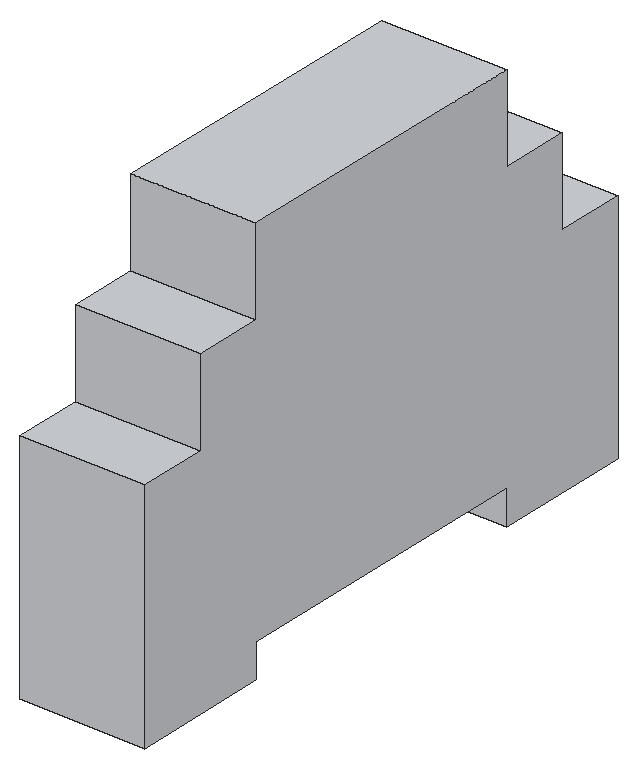
Revit family "Power-ModularDevices-GEWISS-90AM-ENERGY_METER_DIGITAL_SINGLE_PHASE", category Apparecchi elettrici, host Superficie, Revit 2016
Family settings
  Host = Superficie
  Mantenere orientamento annotazione = Sì
  Tipo di parte = Normale
  Quota connettore circolare = Usa diametro
  Numero OmniClass = 23.80.30.00
  Titolo OmniClass = Distribution Devices
  Taglio con vuoti quando caricato = No
  Condiviso = No
  Punto di calcolo locali = Sì
Parameters (values of type "GWD6802 - MID SINGLE PHASE METER DIRECT 32A 1M")
  dIST sIMBOLO [instance] = 6.4 mm  # constant formula
  Version file RFA = "18.0"
  URL = "https://www.gewiss.com/ww/en"
  Type = "Digital single-phase"
  Technical sheet = "https://www.gewiss.com/ww/en/search?q=GWD6802"
  TEXT LABEL = ""
  Supply voltage = "230Vac - 50Hz"
  Realized by GEWISS S.p.A. = ""
  Rated voltage = "230Vac"
  Default Elevation = 1219.2 mm
  Produttore = "GEWISS S.p.A."
  Potenza in Watt = 0 V
  Numero poli = 1
  No. Chorus modules = "1"
  Modello = "GWD6802"
  Installation = "DIN rail"
  Immagine tipo = GWD6801.jpg
  IP degree = "IP20"
  IFC.TypeObject = ""
  IFC.ExportType = ""
  IFC.ExportAs = ""
  IDT = "520d1e2c-82c1-49bd-bafd-3cb3aeb46d35"
  IDF = "50499170-d10d-4bbd-b870-ca51359950bc"
  I max (A) = "32A"
  Fin_Amperometro = none
  Electrocod = "163                 "
  EAN code = "8011564886759"
  Dist_dalla barra din [instance] = 5 mm
  Descrizione = "MID SINGLE PHASE METER DIRECT 32A 1M"
  D = 45 mm  # constant formula
  Catalogue Range = "90 AM"
  Catalogue = "POWER"
  COBie.Tagnumber = ""
  COBie.CreatedOn = ""
  COBie.CreatebBy = ""
  COBie.ComponentRegisterItemID = ""
  COBie.Component.TagNumber = ""
  COBie.Component.Space = ""
  COBie.Component.SerialNumber = ""
  COBie.Component.InstallationDate = ""
  COBie.Component.Description = ""
  COBie.Component.BarCode = ""
  C = 59 mm
  B = 85 mm  # constant formula
  Accuracy rate = "1"
  A = 18 mm  # constant formula
Types (2, lengths in mm): name | Technical sheet | Modello | IDT | EAN code | Descrizione
  GWD6801 - SINGLE PHASE ENERGY METER DIRECT 32A 1M | "https://www.gewiss.com/ww/en/search?q=GWD6801" | "GWD6801" | "8f4dbe87-5bc5-4224-bcdc-70595801997e" | "8011564812413" | "SINGLE PHASE ENERGY METER DIRECT 32A 1M"
  GWD6802 - MID SINGLE PHASE METER DIRECT 32A 1M | "https://www.gewiss.com/ww/en/search?q=GWD6802" | "GWD6802" | "520d1e2c-82c1-49bd-bafd-3cb3aeb46d35" | "8011564886759" | "MID SINGLE PHASE METER DIRECT 32A 1M"
Reference planes
  plane 1 "Centro (Fronte/Retro)": y = 0
  plane 2: z = 0
  plane 3 "Centro (Sinistra/Destra)": x = 0
Dimensions and locks
  aligned and locked: plane 2 to host face
  aligned and locked: level to host face
  aligned and locked: plane 3 "Centro (Sinistra/Destra)" to nested 1
  aligned and locked: plane 1 "Centro (Fronte/Retro)" to nested 1
Nested families
  nested 1: "90AM CONTATORI DI ENERGIA MONOFASE DIGITALE_generico" at (0, 0, 0), type "GWD6801 Contatore energia monofase digitale - 32A - 1M"
Connectors
  electrical at (0, 42.5, 16.965), driven by "Numero poli", driven by "Potenza in Watt"
    settings: on nested 1, index 1, voltage 0 V, apparent load 0 VA, apparent load phase1 0 VA, apparent load phase2 0 VA, apparent load phase3 0 VA, power factor 1, load classification "Altro", number of poles 1, system type 31, power factor state 1, is connector primary yes, connector utility no, sub classification motor no, connector description ""
Definition of nested family "90AM CONTATORI DI ENERGIA MONOFASE DIGITALE_generico"
  Parameters (values of type "GWD6801 Contatore energia monofase digitale - 32A - 1M")
    Default Elevation = 1219.2 mm
    Finitura Amperometro = none
    DIST_DALLA BARRA = 5 mm
    D = 45 mm
    C = 59 mm
    B = 85 mm
    A = 18 mm
  Reference planes
    plane 1 "Centro (Fronte/Retro)": y = 0
    plane 2: z = 0
    plane 3 "Centro (Sinistra/Destra)": x = 0
    plane 4: y = -22.5
    plane 5: y = 22.5
    plane 6: y = -32.5
    plane 7: y = 32.5
    plane 8: y = -42.5
    plane 9: y = 42.5
    plane 10 "AMPEROMETRO": z = 59
    plane 11: z = 0
    plane 12: z = 5
    plane 13 "FOROMETRIA": z = 33.929
    plane 14 "forometria 2": z = 46.465
    plane 15: x = -9
    plane 16: x = 9
    plane 17: x = 21.872
    plane 18: z = 72
    plane 19: through (0, -1524, 57.378) normal (-0.6412, 0, 0.7674)
  Forms (mm)
    Extrusion 1, solid, material <- "Finitura Amperometro"
      sketch origin (0, 0, 5) x (0, 1, 0) y (0, 0, 1)
        loop
          line (-22.5, 54) -> (-22.5, 41.465) -> (-32.5, 41.465) -> (-32.5, 28.929) -> (-42.5, 28.929) -> (-42.5, -5) -> (-22.5, -5) -> (-22.5, 0) -> (22.5, 0) -> (22.5, -5) -> (42.5, -5) -> (42.5, 28.929) -> (32.5, 28.929) -> (32.5, 41.465) -> (22.5, 41.465) -> (22.5, 54) -> (-22.5, 54)
      from -9 to 9
    Extrusion 2, solid, material <- "Finitura Amperometro", detail levels coarse
      sketch origin (0, 0, 33.929) x (0, -1, 0) y (1, 0, 0)
        loop
          line (-42.5, -9) -> (42.5, -9) -> (42.5, 9) -> (-42.5, 9) -> (-42.5, -9)
      from -28.929 to 25.071
    Extrusion 3, solid, material <- "Finitura Amperometro", detail levels coarse
      sketch origin (0, 0, 0) x (0, 1, 0) y (0, 0, 1)
        loop
          line (-3.75, 57.378) -> (3.75, 57.378) -> (3.75, 59) -> (-3.75, 59) -> (-3.75, 57.378)
      from -4.396 to 4.396
  Cuts and joins
    joined: Extrusion 2, Extrusion 3
  Lines and regions (mm)
    model lines, not visible, detail levels medium+fine
      curve 1: line (79.785, 48.585, 59) -> (62.085, 48.585, 59)
      curve 2: line (62.085, 93.585, 59) -> (79.785, 93.585, 59)
      curve 88: line (79.786, 59.267, 59) -> (62.086, 59.267, 59)
      curve 89: line (74.937, 72.795, 59) -> (74.937, 74.144, 59)
      curve 90: line (74.937, 74.144, 59) -> (66.937, 74.144, 59)
      curve 91: line (66.937, 74.144, 59) -> (66.937, 72.795, 59)
      curve 92: line (66.937, 67.626, 59) -> (66.937, 62.932, 59)
      curve 93: line (66.937, 62.932, 59) -> (74.937, 62.932, 59)
      curve 94: line (74.937, 62.932, 59) -> (74.937, 67.626, 59)
      curve 95: line (61.935, 74.432, 59) -> (79.935, 74.432, 59)
      curve 96: line (74.937, 64.914, 59) -> (66.937, 64.914, 59)
      curve 97: line (74.937, 66.129, 59) -> (66.937, 66.129, 59)
      curve 98: line (79.337, 69.155, 59) -> (62.537, 69.155, 59)
      curve 99: line (79.337, 67.626, 59) -> (79.337, 72.795, 59)
      curve 100: line (79.337, 72.795, 59) -> (62.537, 72.795, 59)
      curve 101: line (62.537, 72.795, 59) -> (62.537, 67.626, 59)
      curve 102: line (62.537, 67.626, 59) -> (79.337, 67.626, 59)
      curve 103: line (61.935, 79.105, 59) -> (79.935, 79.105, 59)
      curve 104: line (61.935, 76.108, 59) -> (63.487, 76.108, 59)
      curve 105: line (63.487, 76.108, 59) -> (63.487, 77.853, 59)
      curve 106: line (63.587, 77.909, 59) -> (78.287, 77.909, 59)
      curve 107: line (78.387, 77.853, 59) -> (78.387, 76.108, 59)
      curve 108: line (78.387, 76.108, 59) -> (79.935, 76.108, 59)
      curve 109: line (61.935, 70.538, 59) -> (62.24, 70.515, 59)
      curve 110: line (62.24, 70.515, 59) -> (62.537, 70.446, 59)
      curve 111: line (61.935, 66.538, 59) -> (62.586, 66.647, 59)
      curve 112: line (62.586, 66.647, 59) -> (63.073, 66.893, 59)
      curve 113: line (63.073, 66.893, 59) -> (63.462, 67.245, 59)
      curve 114: line (63.462, 67.245, 59) -> (63.716, 67.626, 59)
      curve 115: line (79.935, 70.538, 59) -> (79.634, 70.515, 59)
      curve 116: line (79.634, 70.515, 59) -> (79.337, 70.446, 59)
      curve 117: line (79.935, 66.539, 59) -> (79.289, 66.647, 59)
      curve 118: line (79.289, 66.647, 59) -> (78.802, 66.893, 59)
      curve 119: line (78.802, 66.893, 59) -> (78.413, 67.245, 59)
      curve 120: line (78.413, 67.245, 59) -> (78.159, 67.626, 59)
      curve 134: circle (26.542, 37.476, 33.929) r 2.555 normal (0, 0, 1)
      curve 135: circle (35.223, 37.477, 33.929) r 2.531 normal (0, 0, 1)
      curve 136: circle (26.542, -36.184, 33.929) r 2.555 normal (0, 0, 1)
      curve 137: circle (35.22, -36.184, 33.929) r 2.555 normal (0, 0, 1)
      curve 144: line (33.549, -32.5, 46.465) -> (51.549, -32.5, 46.465)
      curve 145: circle (38.25, 27.342, 46.465) r 2.52 normal (0, 0, 1)
      curve 146: circle (46.842, 27.34, 46.465) r 2.596 normal (0, 0, 1)
      curve 150: line (33.549, 22.5, 46.465) -> (51.549, 22.5, 46.465)
      curve 258: line (67.592, 4.063, 59) -> (73.592, 4.063, 59)
      curve 259: line (67.592, -3.937, 59) -> (73.592, -3.937, 59)
      curve 260: line (67.592, -7.937, 59) -> (73.592, -7.937, 59)
      curve 261: line (67.592, 0.063, 59) -> (73.592, 0.063, 59)
      curve 262: line (67.592, 12.063, 59) -> (73.592, 12.063, 59)
      curve 263: line (73.592, 12.063, 59) -> (73.592, -11.937, 59)
      curve 264: line (73.592, -11.937, 59) -> (67.592, -11.937, 59)
      curve 265: line (67.592, -11.937, 59) -> (67.592, 12.063, 59)
      curve 266: line (67.592, 8.063, 59) -> (73.592, 8.063, 59)
      curve 352: line (75.783, -15.977, 59) -> (75.145, -15.806, 59)
      curve 353: line (75.145, -15.806, 59) -> (74.679, -15.339, 59)
      curve 354: line (74.679, -15.339, 59) -> (74.508, -14.702, 59)
      curve 355: line (74.508, -14.702, 59) -> (74.679, -14.065, 59)
      curve 356: line (74.679, -14.065, 59) -> (75.145, -13.598, 59)
      curve 357: line (75.145, -13.598, 59) -> (75.783, -13.427, 59)
      curve 358: line (75.783, -13.427, 59) -> (76.42, -13.598, 59)
      curve 359: line (76.42, -13.598, 59) -> (76.887, -14.065, 59)
      curve 360: line (76.887, -14.065, 59) -> (77.057, -14.702, 59)
      curve 361: line (77.057, -14.702, 59) -> (76.887, -15.339, 59)
      curve 362: line (76.887, -15.339, 59) -> (76.42, -15.806, 59)
      curve 363: line (76.42, -15.806, 59) -> (75.783, -15.977, 59)
    model lines, not visible, detail levels fine
      curve 3: line (65.86, 53.491, 59) -> (65.86, 51.476, 59)
      curve 4: line (65.86, 51.476, 59) -> (65.185, 51.476, 59)
      curve 5: line (65.185, 51.476, 59) -> (64.793, 51.525, 59)
      curve 6: line (64.793, 51.525, 59) -> (64.314, 51.737, 59)
      curve 7: line (64.314, 51.737, 59) -> (63.933, 52.09, 59)
      curve 8: line (63.933, 52.09, 59) -> (63.681, 52.566, 59)
      curve 9: line (63.681, 52.566, 59) -> (63.603, 53.073, 59)
      curve 10: line (63.603, 53.073, 59) -> (63.679, 53.541, 59)
      curve 11: line (63.679, 53.541, 59) -> (63.881, 53.953, 59)
      curve 12: line (63.881, 53.953, 59) -> (64.244, 54.329, 59)
      curve 13: line (64.244, 54.329, 59) -> (64.684, 54.557, 59)
      curve 14: line (64.684, 54.557, 59) -> (65.178, 54.639, 59)
      curve 15: line (65.178, 54.639, 59) -> (65.86, 54.639, 59)
      curve 16: line (65.86, 54.639, 59) -> (65.86, 53.77, 59)
      curve 17: line (65.86, 53.77, 59) -> (64.713, 53.77, 59)
      curve 18: line (64.713, 53.77, 59) -> (64.713, 52.345, 59)
      curve 19: line (64.713, 52.345, 59) -> (64.992, 52.345, 59)
      curve 20: line (64.992, 52.345, 59) -> (64.992, 53.491, 59)
      curve 21: line (64.992, 53.491, 59) -> (65.86, 53.491, 59)
      curve 22: line (68.588, 51.476, 59) -> (66.138, 51.476, 59)
      curve 23: line (66.138, 51.476, 59) -> (66.138, 54.639, 59)
      curve 24: line (66.138, 54.639, 59) -> (67.441, 54.639, 59)
      curve 25: line (67.441, 54.639, 59) -> (67.441, 53.77, 59)
      curve 26: line (67.441, 53.77, 59) -> (67.006, 53.77, 59)
      curve 27: line (67.006, 53.77, 59) -> (67.006, 53.492, 59)
      curve 28: line (67.006, 53.492, 59) -> (68.588, 53.492, 59)
      curve 29: line (68.588, 53.492, 59) -> (68.588, 52.623, 59)
      curve 30: line (68.588, 52.623, 59) -> (67.007, 52.623, 59)
      curve 31: line (67.007, 52.623, 59) -> (67.007, 52.345, 59)
      curve 32: line (67.007, 52.345, 59) -> (68.588, 52.345, 59)
      curve 33: line (68.588, 52.345, 59) -> (68.588, 51.476, 59)
      curve 34: line (73.02, 51.476, 59) -> (73.02, 53.492, 59)
      curve 35: line (73.02, 53.492, 59) -> (72.151, 53.492, 59)
      curve 36: line (72.151, 53.492, 59) -> (72.151, 51.476, 59)
      curve 37: line (72.151, 51.476, 59) -> (73.02, 51.476, 59)
      curve 38: line (70.109, 51.476, 59) -> (70.37, 52.779, 59)
      curve 39: line (70.37, 52.779, 59) -> (70.63, 51.476, 59)
      curve 40: line (70.63, 51.476, 59) -> (71.499, 51.476, 59)
      curve 41: line (71.499, 51.476, 59) -> (72.038, 53.77, 59)
      curve 42: line (72.038, 53.77, 59) -> (73.02, 53.77, 59)
      curve 43: line (73.02, 53.77, 59) -> (73.02, 54.639, 59)
      curve 44: line (73.02, 54.639, 59) -> (71.352, 54.639, 59)
      curve 45: line (71.352, 54.639, 59) -> (71.039, 53.301, 59)
      curve 46: line (71.039, 53.301, 59) -> (70.822, 54.639, 59)
      curve 47: line (70.822, 54.639, 59) -> (69.918, 54.639, 59)
      curve 48: line (69.918, 54.639, 59) -> (69.701, 53.301, 59)
      curve 49: line (69.701, 53.301, 59) -> (69.388, 54.639, 59)
      curve 50: line (69.388, 54.639, 59) -> (67.719, 54.639, 59)
      curve 51: line (67.719, 54.639, 59) -> (67.719, 53.77, 59)
      curve 52: line (67.719, 53.77, 59) -> (68.701, 53.77, 59)
      curve 53: line (68.701, 53.77, 59) -> (69.239, 51.476, 59)
      curve 54: line (69.239, 51.476, 59) -> (70.109, 51.476, 59)
      curve 55: line (75.749, 54.639, 59) -> (73.298, 54.639, 59)
      curve 56: line (73.298, 54.639, 59) -> (73.298, 52.623, 59)
      curve 57: line (73.298, 52.623, 59) -> (74.88, 52.623, 59)
      curve 58: line (74.88, 52.623, 59) -> (74.88, 52.345, 59)
      curve 59: line (74.88, 52.345, 59) -> (73.298, 52.345, 59)
      curve 60: line (73.298, 52.345, 59) -> (73.298, 51.476, 59)
      curve 61: line (73.298, 51.476, 59) -> (75.749, 51.476, 59)
      curve 62: line (75.749, 51.476, 59) -> (75.749, 53.492, 59)
      curve 63: line (75.749, 53.492, 59) -> (74.167, 53.492, 59)
      curve 64: line (74.167, 53.492, 59) -> (74.167, 53.77, 59)
      curve 65: line (74.167, 53.77, 59) -> (75.749, 53.77, 59)
      curve 66: line (75.749, 53.77, 59) -> (75.749, 54.639, 59)
      curve 67: line (76.027, 54.639, 59) -> (76.027, 52.623, 59)
      curve 68: line (76.027, 52.623, 59) -> (77.501, 52.623, 59)
      curve 69: line (77.501, 52.623, 59) -> (77.501, 52.345, 59)
      curve 70: line (77.501, 52.345, 59) -> (76.027, 52.345, 59)
      curve 71: line (76.027, 52.345, 59) -> (76.027, 51.476, 59)
      curve 72: line (76.027, 51.476, 59) -> (76.896, 51.476, 59)
      curve 73: line (76.896, 51.476, 59) -> (77.398, 51.637, 59)
      curve 74: line (77.398, 51.637, 59) -> (77.721, 51.848, 59)
      curve 75: line (77.721, 51.848, 59) -> (78.092, 52.303, 59)
      curve 76: line (78.092, 52.303, 59) -> (78.265, 52.813, 59)
      curve 77: line (78.265, 52.813, 59) -> (78.27, 53.266, 59)
      curve 78: line (78.27, 53.266, 59) -> (78.223, 53.492, 59)
      curve 79: line (78.223, 53.492, 59) -> (76.896, 53.492, 59)
      curve 80: line (76.896, 53.492, 59) -> (76.896, 53.77, 59)
      curve 81: line (76.896, 53.77, 59) -> (78.104, 53.77, 59)
      curve 82: line (78.104, 53.77, 59) -> (77.947, 54.032, 59)
      curve 83: line (77.947, 54.032, 59) -> (77.721, 54.267, 59)
      curve 84: line (77.721, 54.267, 59) -> (77.407, 54.473, 59)
      curve 85: line (77.407, 54.473, 59) -> (77.078, 54.593, 59)
      curve 86: line (77.078, 54.593, 59) -> (76.709, 54.639, 59)
      curve 87: line (76.709, 54.639, 59) -> (76.027, 54.639, 59)
      curve 267: line (66.858, -18.69, 59) -> (66.858, -20.605, 59)
      curve 268: line (66.858, -20.605, 59) -> (66.216, -20.605, 59)
      curve 269: line (66.216, -20.605, 59) -> (65.844, -20.559, 59)
      curve 270: line (65.844, -20.559, 59) -> (65.389, -20.357, 59)
      curve 271: line (65.389, -20.357, 59) -> (65.027, -20.022, 59)
      curve 272: line (65.027, -20.022, 59) -> (64.788, -19.569, 59)
      curve 273: line (64.788, -19.569, 59) -> (64.714, -19.088, 59)
      curve 274: line (64.714, -19.088, 59) -> (64.786, -18.644, 59)
      curve 275: line (64.786, -18.644, 59) -> (64.978, -18.252, 59)
      curve 276: line (64.978, -18.252, 59) -> (65.323, -17.895, 59)
      curve 277: line (65.323, -17.895, 59) -> (65.74, -17.678, 59)
      curve 278: line (65.74, -17.678, 59) -> (66.21, -17.601, 59)
      curve 279: line (66.21, -17.601, 59) -> (66.858, -17.601, 59)
      curve 280: line (66.858, -17.601, 59) -> (66.858, -18.426, 59)
      curve 281: line (66.858, -18.426, 59) -> (65.768, -18.426, 59)
      curve 282: line (65.768, -18.426, 59) -> (65.768, -19.78, 59)
      curve 283: line (65.768, -19.78, 59) -> (66.033, -19.78, 59)
      curve 284: line (66.033, -19.78, 59) -> (66.033, -18.69, 59)
      curve 285: line (66.033, -18.69, 59) -> (66.858, -18.69, 59)
      curve 286: line (69.45, -20.605, 59) -> (67.122, -20.605, 59)
      curve 287: line (67.122, -20.605, 59) -> (67.122, -17.601, 59)
      curve 288: line (67.122, -17.601, 59) -> (68.36, -17.601, 59)
      curve 289: line (68.36, -17.601, 59) -> (68.36, -18.426, 59)
      curve 290: line (68.36, -18.426, 59) -> (67.947, -18.426, 59)
      curve 291: line (67.947, -18.426, 59) -> (67.947, -18.69, 59)
      curve 292: line (67.947, -18.69, 59) -> (69.45, -18.69, 59)
      curve 293: line (69.45, -18.69, 59) -> (69.45, -19.516, 59)
      curve 294: line (69.45, -19.516, 59) -> (67.948, -19.516, 59)
      curve 295: line (67.948, -19.516, 59) -> (67.948, -19.78, 59)
      curve 296: line (67.948, -19.78, 59) -> (69.45, -19.78, 59)
      curve 297: line (69.45, -19.78, 59) -> (69.45, -20.605, 59)
      curve 298: line (73.66, -20.605, 59) -> (73.66, -18.69, 59)
      curve 299: line (73.66, -18.69, 59) -> (72.834, -18.69, 59)
      curve 300: line (72.834, -18.69, 59) -> (72.834, -20.605, 59)
      curve 301: line (72.834, -20.605, 59) -> (73.66, -20.605, 59)
      curve 302: line (70.895, -20.605, 59) -> (71.142, -19.367, 59)
      curve 303: line (71.142, -19.367, 59) -> (71.39, -20.605, 59)
      curve 304: line (71.39, -20.605, 59) -> (72.215, -20.605, 59)
      curve 305: line (72.215, -20.605, 59) -> (72.727, -18.426, 59)
      curve 306: line (72.727, -18.426, 59) -> (73.66, -18.426, 59)
      curve 307: line (73.66, -18.426, 59) -> (73.66, -17.601, 59)
      curve 308: line (73.66, -17.601, 59) -> (72.075, -17.601, 59)
      curve 309: line (72.075, -17.601, 59) -> (71.778, -18.872, 59)
      curve 310: line (71.778, -18.872, 59) -> (71.571, -17.601, 59)
      curve 311: line (71.571, -17.601, 59) -> (70.713, -17.601, 59)
      curve 312: line (70.713, -17.601, 59) -> (70.507, -18.872, 59)
      curve 313: line (70.507, -18.872, 59) -> (70.209, -17.601, 59)
      curve 314: line (70.209, -17.601, 59) -> (68.624, -17.601, 59)
      curve 315: line (68.624, -17.601, 59) -> (68.624, -18.426, 59)
      curve 316: line (68.624, -18.426, 59) -> (69.557, -18.426, 59)
      curve 317: line (69.557, -18.426, 59) -> (70.068, -20.605, 59)
      curve 318: line (70.068, -20.605, 59) -> (70.895, -20.605, 59)
      curve 319: line (76.252, -17.601, 59) -> (73.924, -17.601, 59)
      curve 320: line (73.924, -17.601, 59) -> (73.924, -19.516, 59)
      curve 321: line (73.924, -19.516, 59) -> (75.427, -19.516, 59)
      curve 322: line (75.427, -19.516, 59) -> (75.427, -19.78, 59)
      curve 323: line (75.427, -19.78, 59) -> (73.924, -19.78, 59)
      curve 324: line (73.924, -19.78, 59) -> (73.924, -20.605, 59)
      curve 325: line (73.924, -20.605, 59) -> (76.252, -20.605, 59)
      curve 326: line (76.252, -20.605, 59) -> (76.252, -18.69, 59)
      curve 327: line (76.252, -18.69, 59) -> (74.75, -18.69, 59)
      curve 328: line (74.75, -18.69, 59) -> (74.75, -18.426, 59)
      curve 329: line (74.75, -18.426, 59) -> (76.252, -18.426, 59)
      curve 330: line (76.252, -18.426, 59) -> (76.252, -17.601, 59)
      curve 331: line (76.516, -17.601, 59) -> (76.516, -19.516, 59)
      curve 332: line (76.516, -19.516, 59) -> (77.917, -19.516, 59)
      curve 333: line (77.917, -19.516, 59) -> (77.917, -19.78, 59)
      curve 334: line (77.917, -19.78, 59) -> (76.516, -19.78, 59)
      curve 335: line (76.516, -19.78, 59) -> (76.516, -20.605, 59)
      curve 336: line (76.516, -20.605, 59) -> (77.342, -20.605, 59)
      curve 337: line (77.342, -20.605, 59) -> (77.819, -20.452, 59)
      curve 338: line (77.819, -20.452, 59) -> (78.126, -20.252, 59)
      curve 339: line (78.126, -20.252, 59) -> (78.478, -19.819, 59)
      curve 340: line (78.478, -19.819, 59) -> (78.642, -19.335, 59)
      curve 341: line (78.642, -19.335, 59) -> (78.647, -18.904, 59)
      curve 342: line (78.647, -18.904, 59) -> (78.602, -18.69, 59)
      curve 343: line (78.602, -18.69, 59) -> (77.342, -18.69, 59)
      curve 344: line (77.342, -18.69, 59) -> (77.342, -18.426, 59)
      curve 345: line (77.342, -18.426, 59) -> (78.49, -18.426, 59)
      curve 346: line (78.49, -18.426, 59) -> (78.341, -18.177, 59)
      curve 347: line (78.341, -18.177, 59) -> (78.126, -17.954, 59)
      curve 348: line (78.126, -17.954, 59) -> (77.827, -17.758, 59)
      curve 349: line (77.827, -17.758, 59) -> (77.515, -17.644, 59)
      curve 350: line (77.515, -17.644, 59) -> (77.164, -17.601, 59)
      curve 351: line (77.164, -17.601, 59) -> (76.516, -17.601, 59)
    model lines
      curve 121: line (-9, 42.5, 33.929) -> (9, 42.5, 33.929)
      curve 122: line (-9, 32.5, 33.929) -> (9, 32.5, 33.929)
      curve 123: line (-9, -42.5, 33.929) -> (9, -42.5, 33.929)
      curve 124: line (-9, -32.5, 33.929) -> (9, -32.5, 33.929)
      curve 139: line (9, -22.5, 46.465) -> (-9, -22.5, 46.465)
      curve 147: line (9, 32.5, 46.465) -> (-9, 32.5, 46.465)
    model lines, detail levels medium+fine
      curve 125: circle (-4.378, 37.476, 33.929) r 2.555 normal (0, 0, 1)
      curve 126: circle (4.302, 37.477, 33.929) r 2.531 normal (0, 0, 1)
      curve 127: circle (-4.378, -36.184, 33.929) r 2.555 normal (0, 0, 1)
      curve 128: circle (4.3, -36.184, 33.929) r 2.555 normal (0, 0, 1)
      curve 140: line (-9, -32.5, 46.465) -> (9, -32.5, 46.465)
      curve 141: circle (-4.299, 27.342, 46.465) r 2.52 normal (0, 0, 1)
      curve 142: circle (4.293, 27.34, 46.465) r 2.596 normal (0, 0, 1)
      curve 148: line (-9, 22.5, 46.465) -> (9, 22.5, 46.465)
      curve 151: line (-4.096, 4.063, 59) -> (1.904, 4.063, 59)
      curve 152: line (-4.096, -3.937, 59) -> (1.904, -3.937, 59)
      curve 153: line (-4.096, -7.937, 59) -> (1.904, -7.937, 59)
      curve 154: line (-4.096, 0.063, 59) -> (1.904, 0.063, 59)
      curve 155: line (-4.096, 12.063, 59) -> (1.904, 12.063, 59)
      curve 156: line (1.904, 12.063, 59) -> (1.904, -11.937, 59)
      curve 157: line (1.904, -11.937, 59) -> (-4.096, -11.937, 59)
      curve 158: line (-4.096, -11.937, 59) -> (-4.096, 12.063, 59)
      curve 159: line (-4.096, 8.063, 59) -> (1.904, 8.063, 59)
      curve 245: line (4.095, -15.977, 59) -> (3.458, -15.806, 59)
      curve 246: line (3.458, -15.806, 59) -> (2.991, -15.339, 59)
      curve 247: line (2.991, -15.339, 59) -> (2.82, -14.702, 59)
      curve 248: line (2.82, -14.702, 59) -> (2.991, -14.065, 59)
      curve 249: line (2.991, -14.065, 59) -> (3.458, -13.598, 59)
      curve 250: line (3.458, -13.598, 59) -> (4.095, -13.427, 59)
      curve 251: line (4.095, -13.427, 59) -> (4.732, -13.598, 59)
      curve 252: line (4.732, -13.598, 59) -> (5.199, -14.065, 59)
      curve 253: line (5.199, -14.065, 59) -> (5.37, -14.702, 59)
      curve 254: line (5.37, -14.702, 59) -> (5.199, -15.339, 59)
      curve 255: line (5.199, -15.339, 59) -> (4.732, -15.806, 59)
      curve 256: line (4.732, -15.806, 59) -> (4.095, -15.977, 59)
    symbolic lines
      curve 129: line (0, 42.5, 33.929) -> (0, -42.5, 33.929)
      curve 257: line (0, 22.5, 59) -> (0, -22.5, 59)
    model lines, not visible
      curve 130: line (21.92, 42.5, 33.929) -> (39.92, 42.5, 33.929)
      curve 131: line (21.92, 32.5, 33.929) -> (39.92, 32.5, 33.929)
      curve 132: line (21.92, -42.5, 33.929) -> (39.92, -42.5, 33.929)
      curve 133: line (21.92, -32.5, 33.929) -> (39.92, -32.5, 33.929)
      curve 143: line (51.549, -22.5, 46.465) -> (33.549, -22.5, 46.465)
      curve 149: line (51.549, 32.5, 46.465) -> (33.549, 32.5, 46.465)
    symbolic lines, not visible
      curve 138: line (30.92, 42.5, 33.929) -> (30.92, -42.5, 33.929)
      curve 364: line (71.688, 22.5, 59) -> (71.688, -22.5, 59)
    model lines, detail levels fine
      curve 160: line (-4.83, -18.69, 59) -> (-4.83, -20.605, 59)
      curve 161: line (-4.83, -20.605, 59) -> (-5.471, -20.605, 59)
      curve 162: line (-5.471, -20.605, 59) -> (-5.843, -20.559, 59)
      curve 163: line (-5.843, -20.559, 59) -> (-6.299, -20.357, 59)
      curve 164: line (-6.299, -20.357, 59) -> (-6.66, -20.022, 59)
      curve 165: line (-6.66, -20.022, 59) -> (-6.9, -19.569, 59)
      curve 166: line (-6.9, -19.569, 59) -> (-6.974, -19.088, 59)
      curve 167: line (-6.974, -19.088, 59) -> (-6.902, -18.644, 59)
      curve 168: line (-6.902, -18.644, 59) -> (-6.71, -18.252, 59)
      curve 169: line (-6.71, -18.252, 59) -> (-6.365, -17.895, 59)
      curve 170: line (-6.365, -17.895, 59) -> (-5.947, -17.678, 59)
      curve 171: line (-5.947, -17.678, 59) -> (-5.478, -17.601, 59)
      curve 172: line (-5.478, -17.601, 59) -> (-4.83, -17.601, 59)
      curve 173: line (-4.83, -17.601, 59) -> (-4.83, -18.426, 59)
      curve 174: line (-4.83, -18.426, 59) -> (-5.92, -18.426, 59)
      curve 175: line (-5.92, -18.426, 59) -> (-5.92, -19.78, 59)
      curve 176: line (-5.92, -19.78, 59) -> (-5.654, -19.78, 59)
      curve 177: line (-5.654, -19.78, 59) -> (-5.654, -18.69, 59)
      curve 178: line (-5.654, -18.69, 59) -> (-4.83, -18.69, 59)
      curve 179: line (-2.238, -20.605, 59) -> (-4.566, -20.605, 59)
      curve 180: line (-4.566, -20.605, 59) -> (-4.566, -17.601, 59)
      curve 181: line (-4.566, -17.601, 59) -> (-3.327, -17.601, 59)
      curve 182: line (-3.327, -17.601, 59) -> (-3.327, -18.426, 59)
      curve 183: line (-3.327, -18.426, 59) -> (-3.741, -18.426, 59)
      curve 184: line (-3.741, -18.426, 59) -> (-3.741, -18.69, 59)
      curve 185: line (-3.741, -18.69, 59) -> (-2.238, -18.69, 59)
      curve 186: line (-2.238, -18.69, 59) -> (-2.238, -19.516, 59)
      curve 187: line (-2.238, -19.516, 59) -> (-3.74, -19.516, 59)
      curve 188: line (-3.74, -19.516, 59) -> (-3.74, -19.78, 59)
      curve 189: line (-3.74, -19.78, 59) -> (-2.238, -19.78, 59)
      curve 190: line (-2.238, -19.78, 59) -> (-2.238, -20.605, 59)
      curve 191: line (1.972, -20.605, 59) -> (1.972, -18.69, 59)
      curve 192: line (1.972, -18.69, 59) -> (1.147, -18.69, 59)
      curve 193: line (1.147, -18.69, 59) -> (1.147, -20.605, 59)
      curve 194: line (1.147, -20.605, 59) -> (1.972, -20.605, 59)
      curve 195: line (-0.793, -20.605, 59) -> (-0.545, -19.367, 59)
      curve 196: line (-0.545, -19.367, 59) -> (-0.298, -20.605, 59)
      curve 197: line (-0.298, -20.605, 59) -> (0.528, -20.605, 59)
      curve 198: line (0.528, -20.605, 59) -> (1.04, -18.426, 59)
      curve 199: line (1.04, -18.426, 59) -> (1.972, -18.426, 59)
      curve 200: line (1.972, -18.426, 59) -> (1.972, -17.601, 59)
      curve 201: line (1.972, -17.601, 59) -> (0.387, -17.601, 59)
      curve 202: line (0.387, -17.601, 59) -> (0.09, -18.872, 59)
      curve 203: line (0.09, -18.872, 59) -> (-0.116, -17.601, 59)
      curve 204: line (-0.116, -17.601, 59) -> (-0.975, -17.601, 59)
      curve 205: line (-0.975, -17.601, 59) -> (-1.181, -18.872, 59)
      curve 206: line (-1.181, -18.872, 59) -> (-1.478, -17.601, 59)
      curve 207: line (-1.478, -17.601, 59) -> (-3.063, -17.601, 59)
      curve 208: line (-3.063, -17.601, 59) -> (-3.063, -18.426, 59)
      curve 209: line (-3.063, -18.426, 59) -> (-2.13, -18.426, 59)
      curve 210: line (-2.13, -18.426, 59) -> (-1.62, -20.605, 59)
      curve 211: line (-1.62, -20.605, 59) -> (-0.793, -20.605, 59)
      curve 212: line (4.564, -17.601, 59) -> (2.237, -17.601, 59)
      curve 213: line (2.237, -17.601, 59) -> (2.237, -19.516, 59)
      curve 214: line (2.237, -19.516, 59) -> (3.739, -19.516, 59)
      curve 215: line (3.739, -19.516, 59) -> (3.739, -19.78, 59)
      curve 216: line (3.739, -19.78, 59) -> (2.237, -19.78, 59)
      curve 217: line (2.237, -19.78, 59) -> (2.237, -20.605, 59)
      curve 218: line (2.237, -20.605, 59) -> (4.564, -20.605, 59)
      curve 219: line (4.564, -20.605, 59) -> (4.564, -18.69, 59)
      curve 220: line (4.564, -18.69, 59) -> (3.062, -18.69, 59)
      curve 221: line (3.062, -18.69, 59) -> (3.062, -18.426, 59)
      curve 222: line (3.062, -18.426, 59) -> (4.564, -18.426, 59)
      curve 223: line (4.564, -18.426, 59) -> (4.564, -17.601, 59)
      curve 224: line (4.829, -17.601, 59) -> (4.829, -19.516, 59)
      curve 225: line (4.829, -19.516, 59) -> (6.23, -19.516, 59)
      curve 226: line (6.23, -19.516, 59) -> (6.23, -19.78, 59)
      curve 227: line (6.23, -19.78, 59) -> (4.829, -19.78, 59)
      curve 228: line (4.829, -19.78, 59) -> (4.829, -20.605, 59)
      curve 229: line (4.829, -20.605, 59) -> (5.654, -20.605, 59)
      curve 230: line (5.654, -20.605, 59) -> (6.131, -20.452, 59)
      curve 231: line (6.131, -20.452, 59) -> (6.439, -20.252, 59)
      curve 232: line (6.439, -20.252, 59) -> (6.791, -19.819, 59)
      curve 233: line (6.791, -19.819, 59) -> (6.955, -19.335, 59)
      curve 234: line (6.955, -19.335, 59) -> (6.959, -18.904, 59)
      curve 235: line (6.959, -18.904, 59) -> (6.915, -18.69, 59)
      curve 236: line (6.915, -18.69, 59) -> (5.654, -18.69, 59)
      curve 237: line (5.654, -18.69, 59) -> (5.654, -18.426, 59)
      curve 238: line (5.654, -18.426, 59) -> (6.802, -18.426, 59)
      curve 239: line (6.802, -18.426, 59) -> (6.653, -18.177, 59)
      curve 240: line (6.653, -18.177, 59) -> (6.438, -17.954, 59)
      curve 241: line (6.438, -17.954, 59) -> (6.14, -17.758, 59)
      curve 242: line (6.14, -17.758, 59) -> (5.827, -17.644, 59)
      curve 243: line (5.827, -17.644, 59) -> (5.476, -17.601, 59)
      curve 244: line (5.476, -17.601, 59) -> (4.829, -17.601, 59)
  Dimensions and locks
    equal spacing: plane 4, plane 1 "Centro (Fronte/Retro)", plane 5
    "D": plane 4 to plane 5
    "C": plane 11 to plane 10 "AMPEROMETRO"
    locked: plane 11 to plane 12 at 5
    "B": plane 8 to plane 9
    equal spacing: plane 8, plane 1 "Centro (Fronte/Retro)", plane 9
    plane 12 to plane 13 "FOROMETRIA" = 28.929 mm
    equal spacing: plane 10 "AMPEROMETRO", plane 14 "forometria 2", plane 13 "FOROMETRIA"
    locked: plane 6 to plane 4 at 10
    locked: plane 5 to plane 7 at 10
    equal spacing: plane 15, plane 3 "Centro (Sinistra/Destra)", plane 16
    "A": plane 15 to plane 16
    "DIST_DALLA BARRA": plane 2 to plane 12
    plane 8 to plane 6 = 10 mm
    plane 18 to level = 72 mm
    aligned and locked: level to plane 2
    aligned and locked: plane 10 "AMPEROMETRO" to Extrusion 1 sketch curve
    aligned and locked: plane 4 to Extrusion 1 sketch curve
    aligned and locked: plane 5 to Extrusion 1 sketch curve
    aligned and locked: plane 8 to Extrusion 1 sketch curve
    aligned and locked: plane 9 to Extrusion 1 sketch curve
    aligned and locked: plane 12 to Extrusion 1 sketch curve
    aligned and locked: plane 11 to Extrusion 1 sketch curve  (x2)
    aligned and locked: plane 13 "FOROMETRIA" to Extrusion 1 sketch curve
    aligned and locked: Extrusion 1 sketch curve to plane 13 "FOROMETRIA"
    aligned and locked: plane 14 "forometria 2" to Extrusion 1 sketch curve
    aligned and locked: Extrusion 1 sketch curve to plane 14 "forometria 2"
    aligned and locked: plane 15 to Extrusion 1
    aligned and locked: Extrusion 1 to plane 16
    aligned and locked: plane 16 to Extrusion 2 sketch curve
    aligned and locked: plane 9 to Extrusion 2 sketch curve
    aligned and locked: Extrusion 2 sketch curve to plane 15
    aligned and locked: Extrusion 2 sketch curve to plane 8
    aligned and locked: Extrusion 2 to plane 10 "AMPEROMETRO"
    aligned and locked: plane 12 to Extrusion 2
    aligned and locked: curve 129 to plane 3 "Centro (Sinistra/Destra)"
    aligned and locked: plane 15 to curve 140
    aligned and locked: curve 257 to plane 3 "Centro (Sinistra/Destra)"
  Automatic sketch dimensions
    Extrusion 1 sketch curve to plane 6 = 0 mm
    Extrusion 1 sketch curve to plane 4 = 0 mm
    Extrusion 1 sketch curve to plane 5 = 0 mm
    Extrusion 1 sketch curve to plane 7 = 0 mm
    curve 126 to curve 125 = 0.001 mm
    curve 127 to curve 128 = 0 mm
    curve 125 to curve 127 = 0 mm
    curve 127 to curve 128 = 8.678 mm
    curve 125 to curve 126 = 8.681 mm
    curve 135 to curve 134 = 0.001 mm
    curve 136 to curve 137 = 0 mm
    curve 134 to curve 136 = 0 mm
    curve 136 to curve 137 = 8.678 mm
    curve 134 to curve 135 = 8.681 mm
    plane 10 "AMPEROMETRO" to Extrusion 3 sketch curve = 0 mm
    plane 1 "Centro (Fronte/Retro)" to Extrusion 3 sketch curve = 3.75 mm
    Extrusion 3 sketch curve to plane 1 "Centro (Fronte/Retro)" = 3.75 mm
    plane 10 "AMPEROMETRO" to Extrusion 3 sketch curve = 1.622 mm
    curve 141 to curve 142 = 0.002 mm
    curve 141 to curve 142 = 8.591 mm
    curve 148 to curve 139 = 45 mm
    curve 139 to curve 140 = 10 mm
    curve 140 to curve 148 = 0 mm
    curve 139 to curve 140 = 0 mm  (x2)
    curve 140 to curve 140 = 18 mm
    curve 145 to curve 146 = 0.002 mm
    curve 145 to curve 146 = 8.591 mm
    curve 150 to curve 143 = 45 mm
    curve 143 to curve 144 = 10 mm
    curve 144 to curve 150 = 0 mm
    curve 143 to curve 144 = 0 mm  (x2)
    curve 144 to curve 144 = 18 mm
    curve 166 to curve 168 = 0.072 mm
    curve 166 to curve 165 = 0.074 mm
    curve 167 to curve 169 = 0.192 mm
    curve 165 to curve 165 = 0.239 mm
    curve 168 to curve 170 = 0.345 mm
    curve 164 to curve 164 = 0.362 mm
    curve 169 to curve 171 = 0.417 mm
    curve 163 to curve 176 = 0.379 mm
    curve 163 to curve 163 = 0.455 mm
    curve 174 to curve 178 = 0.265 mm
    curve 170 to curve 172 = 0.47 mm
    curve 162 to curve 161 = 0.372 mm
    curve 177 to curve 173 = 0.824 mm
    curve 178 to curve 173 = 0 mm
    curve 160 to curve 180 = 0.264 mm
    curve 180 to curve 157 = 0.47 mm
    curve 173 to curve 184 = 1.089 mm
    curve 184 to curve 187 = 0.001 mm
    curve 183 to curve 181 = 0.413 mm
    curve 181 to curve 207 = 0.264 mm
    curve 208 to curve 186 = 0.825 mm
    curve 186 to curve 190 = 0 mm
    curve 185 to curve 210 = 0.107 mm
    curve 179 to curve 211 = 0.618 mm
    curve 209 to curve 206 = 0.652 mm
    curve 209 to curve 206 = 0.949 mm
    curve 206 to curve 204 = 0.504 mm
    curve 210 to curve 211 = 0.827 mm
    curve 205 to curve 195 = 0.636 mm
    curve 195 to curve 197 = 0.495 mm
    curve 204 to curve 203 = 0.859 mm
    curve 195 to curve 202 = 0.636 mm
    curve 203 to curve 202 = 0.504 mm
    curve 196 to curve 197 = 0.826 mm
    curve 202 to curve 198 = 0.949 mm
    curve 197 to curve 194 = 0.619 mm
    curve 192 to curve 191 = 0.826 mm
    curve 201 to curve 191 = 0 mm
    curve 191 to curve 218 = 0.264 mm
    curve 214 to curve 216 = 0 mm
    curve 156 to curve 247 = 0.916 mm
    curve 247 to curve 248 = 0.171 mm
    curve 248 to curve 247 = 0.171 mm
    curve 199 to curve 222 = 1.09 mm
    curve 249 to curve 250 = 0.467 mm
    curve 246 to curve 245 = 0.467 mm
    curve 220 to curve 215 = 0.677 mm
    curve 249 to curve 250 = 0.637 mm
    curve 245 to curve 256 = 0.637 mm
    curve 245 to curve 223 = 0.469 mm
    curve 220 to curve 222 = 0 mm
    curve 256 to curve 256 = 0.637 mm
    curve 250 to curve 252 = 0.637 mm
    curve 219 to curve 225 = 0.264 mm
    curve 227 to curve 224 = 0 mm
    curve 251 to curve 252 = 0.467 mm
    curve 255 to curve 255 = 0.467 mm  (x2)
    curve 254 to curve 254 = 0.171 mm
    curve 224 to curve 244 = 0.648 mm
    curve 228 to curve 230 = 0.826 mm
    curve 219 to curve 237 = 1.09 mm
    curve 243 to curve 243 = 0.351 mm
    curve 229 to curve 231 = 0.477 mm
    curve 242 to curve 241 = 0.312 mm
    curve 230 to curve 226 = 0.099 mm
    curve 241 to curve 241 = 0.299 mm
    curve 230 to curve 231 = 0.308 mm
    curve 240 to curve 239 = 0.215 mm
    curve 231 to curve 233 = 0.352 mm
    curve 239 to curve 238 = 0.149 mm
    curve 238 to curve 235 = 0.113 mm
    curve 232 to curve 234 = 0.164 mm
    curve 235 to curve 234 = 0.045 mm
    curve 257 to curve 179 = 1.895 mm
    curve 257 to curve 191 = 1.895 mm
    curve 179 to curve 195 = 0 mm
    curve 195 to curve 196 = 0 mm
    curve 191 to curve 217 = 0 mm
    curve 218 to curve 228 = 0 mm
    curve 179 to curve 160 = 0 mm
    curve 161 to curve 163 = 0.047 mm
    curve 229 to curve 231 = 0.153 mm
    curve 162 to curve 164 = 0.202 mm
    curve 230 to curve 232 = 0.201 mm
    curve 163 to curve 165 = 0.335 mm
    curve 231 to curve 233 = 0.432 mm
    curve 163 to curve 176 = 0.577 mm
    curve 179 to curve 189 = 0.826 mm
    curve 231 to curve 227 = 0.472 mm
    curve 217 to curve 216 = 0.826 mm
    curve 164 to curve 166 = 0.452 mm
    curve 188 to curve 188 = 0.264 mm
    curve 216 to curve 214 = 0.264 mm
    curve 226 to curve 225 = 0.264 mm
    curve 196 to curve 195 = 1.238 mm
    curve 232 to curve 234 = 0.485 mm
    curve 165 to curve 167 = 0.481 mm
    curve 233 to curve 234 = 0.43 mm
    curve 195 to curve 203 = 0.495 mm
    curve 195 to curve 206 = 0.495 mm
    curve 176 to curve 177 = 1.089 mm
    curve 213 to curve 192 = 0.826 mm
    curve 234 to curve 235 = 0.214 mm
    curve 224 to curve 219 = 0.826 mm
    curve 186 to curve 186 = 0.826 mm
    curve 166 to curve 167 = 0.444 mm
    curve 219 to curve 222 = 0.264 mm
    curve 236 to curve 238 = 0.264 mm
    curve 185 to curve 210 = 0.264 mm
    curve 177 to curve 175 = 0.264 mm
    curve 191 to curve 200 = 0.264 mm
    curve 184 to curve 183 = 0.264 mm
    curve 167 to curve 169 = 0.392 mm
    curve 238 to curve 240 = 0.25 mm
    curve 239 to curve 241 = 0.222 mm
    curve 168 to curve 169 = 0.357 mm
    curve 240 to curve 242 = 0.196 mm
    curve 169 to curve 171 = 0.217 mm
    curve 241 to curve 243 = 0.114 mm
    curve 199 to curve 200 = 0.826 mm
    curve 222 to curve 224 = 0.826 mm
    curve 223 to curve 224 = 0 mm
    curve 203 to curve 201 = 0 mm
    curve 206 to curve 204 = 0 mm
    curve 182 to curve 207 = 0 mm
    curve 170 to curve 171 = 0.077 mm
    curve 212 to curve 245 = 1.624 mm
    curve 256 to curve 245 = 0.171 mm
    curve 256 to curve 256 = 0.171 mm
    curve 245 to curve 247 = 0.467 mm
    curve 246 to curve 248 = 0.637 mm
    curve 254 to curve 253 = 0.637 mm
    curve 247 to curve 249 = 0.637 mm
    curve 253 to curve 253 = 0.637 mm
    curve 249 to curve 249 = 0.467 mm
    curve 252 to curve 252 = 0.467 mm
    curve 249 to curve 251 = 0.171 mm
    curve 180 to curve 157 = 5.664 mm
    curve 159 to curve 155 = 4 mm
    curve 151 to curve 155 = 8 mm
    curve 154 to curve 156 = 12 mm
    curve 152 to curve 158 = 16 mm
    curve 153 to curve 156 = 20 mm
    curve 155 to curve 155 = 6 mm
    curve 156 to curve 155 = 24 mm
    curve 196 to curve 257 = 0.298 mm
    curve 155 to curve 257 = 10.437 mm
    curve 273 to curve 275 = 0.072 mm
    curve 273 to curve 272 = 0.074 mm
    curve 274 to curve 276 = 0.192 mm
    curve 272 to curve 272 = 0.239 mm
    curve 275 to curve 277 = 0.345 mm
    curve 271 to curve 271 = 0.362 mm
    curve 276 to curve 278 = 0.417 mm
    curve 270 to curve 283 = 0.379 mm
    curve 270 to curve 270 = 0.455 mm
    curve 281 to curve 285 = 0.265 mm
    curve 277 to curve 279 = 0.47 mm
    curve 269 to curve 268 = 0.372 mm
    curve 284 to curve 280 = 0.824 mm
    curve 285 to curve 280 = 0 mm
    curve 267 to curve 287 = 0.264 mm
    curve 287 to curve 264 = 0.47 mm
    curve 280 to curve 291 = 1.089 mm
    curve 291 to curve 294 = 0.001 mm
    curve 290 to curve 288 = 0.413 mm
    curve 288 to curve 314 = 0.264 mm
    curve 315 to curve 293 = 0.825 mm
    curve 293 to curve 297 = 0 mm
    curve 292 to curve 317 = 0.107 mm
    curve 286 to curve 318 = 0.618 mm
    curve 316 to curve 313 = 0.652 mm
    curve 316 to curve 313 = 0.949 mm
    curve 313 to curve 311 = 0.504 mm
    curve 317 to curve 318 = 0.827 mm
    curve 312 to curve 302 = 0.636 mm
    curve 302 to curve 304 = 0.495 mm
    curve 311 to curve 310 = 0.859 mm
    curve 302 to curve 309 = 0.636 mm
    curve 310 to curve 309 = 0.504 mm
    curve 303 to curve 304 = 0.826 mm
    curve 309 to curve 305 = 0.949 mm
    curve 304 to curve 301 = 0.619 mm
    curve 299 to curve 298 = 0.826 mm
    curve 308 to curve 298 = 0 mm
    curve 298 to curve 325 = 0.264 mm
    curve 321 to curve 323 = 0 mm
    curve 263 to curve 354 = 0.916 mm
    curve 354 to curve 355 = 0.171 mm
    curve 355 to curve 354 = 0.171 mm
    curve 306 to curve 329 = 1.09 mm
    curve 356 to curve 357 = 0.467 mm
    curve 353 to curve 352 = 0.467 mm
    curve 327 to curve 322 = 0.677 mm
    curve 356 to curve 357 = 0.637 mm
    curve 352 to curve 363 = 0.637 mm
    curve 352 to curve 330 = 0.469 mm
    curve 327 to curve 329 = 0 mm
    curve 363 to curve 363 = 0.637 mm
    curve 357 to curve 359 = 0.637 mm
    curve 326 to curve 332 = 0.264 mm
    curve 334 to curve 331 = 0 mm
    curve 358 to curve 359 = 0.467 mm
    curve 362 to curve 362 = 0.467 mm  (x2)
    curve 361 to curve 361 = 0.171 mm
    curve 331 to curve 351 = 0.648 mm
    curve 335 to curve 337 = 0.826 mm
    curve 326 to curve 344 = 1.09 mm
    curve 350 to curve 350 = 0.351 mm
    curve 336 to curve 338 = 0.477 mm
    curve 349 to curve 348 = 0.312 mm
    curve 337 to curve 333 = 0.099 mm
    curve 348 to curve 348 = 0.299 mm
    curve 337 to curve 338 = 0.308 mm
    curve 347 to curve 346 = 0.215 mm
    curve 338 to curve 340 = 0.352 mm
    curve 346 to curve 345 = 0.149 mm
    curve 345 to curve 342 = 0.113 mm
    curve 339 to curve 341 = 0.164 mm
    curve 342 to curve 341 = 0.045 mm
    curve 364 to curve 286 = 1.895 mm
    curve 364 to curve 298 = 1.895 mm
    curve 286 to curve 302 = 0 mm
    curve 302 to curve 303 = 0 mm
    curve 298 to curve 324 = 0 mm
    curve 325 to curve 335 = 0 mm
    curve 286 to curve 267 = 0 mm
    curve 268 to curve 270 = 0.047 mm
    curve 336 to curve 338 = 0.153 mm
    curve 269 to curve 271 = 0.202 mm
    curve 337 to curve 339 = 0.201 mm
    curve 270 to curve 272 = 0.335 mm
    curve 338 to curve 340 = 0.432 mm
    curve 270 to curve 283 = 0.577 mm
    curve 286 to curve 296 = 0.826 mm
    curve 338 to curve 334 = 0.472 mm
    curve 324 to curve 323 = 0.826 mm
    curve 271 to curve 273 = 0.452 mm
    curve 295 to curve 295 = 0.264 mm
    curve 323 to curve 321 = 0.264 mm
    curve 333 to curve 332 = 0.264 mm
    curve 303 to curve 302 = 1.238 mm
    curve 339 to curve 341 = 0.485 mm
    curve 272 to curve 274 = 0.481 mm
    curve 340 to curve 341 = 0.43 mm
    curve 302 to curve 310 = 0.495 mm
    curve 302 to curve 313 = 0.495 mm
    curve 283 to curve 284 = 1.089 mm
    curve 320 to curve 299 = 0.826 mm
    curve 341 to curve 342 = 0.214 mm
    curve 331 to curve 326 = 0.826 mm
    curve 293 to curve 293 = 0.826 mm
    curve 273 to curve 274 = 0.444 mm
    curve 326 to curve 329 = 0.264 mm
    curve 343 to curve 345 = 0.264 mm
    curve 292 to curve 317 = 0.264 mm
    curve 284 to curve 282 = 0.264 mm
    curve 298 to curve 307 = 0.264 mm
    curve 291 to curve 290 = 0.264 mm
    curve 274 to curve 276 = 0.392 mm
    curve 345 to curve 347 = 0.25 mm
    curve 346 to curve 348 = 0.222 mm
    curve 275 to curve 276 = 0.357 mm
    curve 347 to curve 349 = 0.196 mm
    curve 276 to curve 278 = 0.217 mm
    curve 348 to curve 350 = 0.114 mm
    curve 306 to curve 307 = 0.826 mm
    curve 329 to curve 331 = 0.826 mm
    curve 330 to curve 331 = 0 mm
    curve 310 to curve 308 = 0 mm
    curve 313 to curve 311 = 0 mm
    curve 289 to curve 314 = 0 mm
    curve 277 to curve 278 = 0.077 mm
    curve 319 to curve 352 = 1.624 mm
    curve 363 to curve 352 = 0.171 mm
    curve 363 to curve 363 = 0.171 mm
    curve 352 to curve 354 = 0.467 mm
    curve 353 to curve 355 = 0.637 mm
    curve 361 to curve 360 = 0.637 mm
    curve 354 to curve 356 = 0.637 mm
    curve 360 to curve 360 = 0.637 mm
    curve 356 to curve 356 = 0.467 mm
    curve 359 to curve 359 = 0.467 mm
    curve 356 to curve 358 = 0.171 mm
    curve 287 to curve 264 = 5.664 mm
    curve 266 to curve 262 = 4 mm
    curve 258 to curve 262 = 8 mm
    curve 261 to curve 263 = 12 mm
    curve 259 to curve 265 = 16 mm
    curve 260 to curve 263 = 20 mm
    curve 262 to curve 262 = 6 mm
    curve 263 to curve 262 = 24 mm
    curve 303 to curve 364 = 0.298 mm
    curve 262 to curve 364 = 10.437 mm
    curve 128 to curve 123 = 4.7 mm
    curve 128 to curve 124 = 4.7 mm
    curve 124 to curve 127 = 3.684 mm
    curve 128 to curve 129 = 6.316 mm
    curve 123 to curve 127 = 4.622 mm
    curve 124 to curve 127 = 4.622 mm
    curve 129 to curve 126 = 5.023 mm
    curve 126 to curve 122 = 4.698 mm
    curve 126 to curve 121 = 4.698 mm
    curve 125 to curve 127 = 73.66 mm
    curve 121 to curve 125 = 4.622 mm
    curve 122 to curve 125 = 4.622 mm
    curve 137 to curve 132 = 4.7 mm
    curve 137 to curve 133 = 4.7 mm
    curve 133 to curve 136 = 3.684 mm
    curve 137 to curve 138 = 6.316 mm
    curve 132 to curve 136 = 4.622 mm
    curve 133 to curve 136 = 4.622 mm
    curve 138 to curve 135 = 5.023 mm
    curve 135 to curve 131 = 4.698 mm
    curve 135 to curve 130 = 4.698 mm
    curve 134 to curve 136 = 73.66 mm
    curve 130 to curve 134 = 4.622 mm
    curve 131 to curve 134 = 4.622 mm
    curve 148 to curve 141 = 4.701 mm
    curve 147 to curve 141 = 4.701 mm
    curve 147 to curve 142 = 5.16 mm
    curve 141 to curve 148 = 4.842 mm
    curve 142 to curve 147 = 4.707 mm
    curve 142 to curve 148 = 4.707 mm
    curve 150 to curve 145 = 4.701 mm
    curve 149 to curve 145 = 4.701 mm
    curve 149 to curve 146 = 5.16 mm
    curve 145 to curve 150 = 4.842 mm
    curve 146 to curve 149 = 4.707 mm
    curve 146 to curve 150 = 4.707 mm
    curve 129 to curve 126 = 4.302 mm
    curve 125 to curve 122 = 4.976 mm
    curve 138 to curve 135 = 4.302 mm
    curve 134 to curve 131 = 4.976 mm
    radius of curve 142 = 2.596 mm
    radius of curve 146 = 2.596 mm
    radius of curve 128 = 2.555 mm
    radius of curve 127 = 2.555 mm
    radius of curve 126 = 2.531 mm
    radius of curve 125 = 2.555 mm
    radius of curve 137 = 2.555 mm
    radius of curve 136 = 2.555 mm
    radius of curve 135 = 2.531 mm
    radius of curve 134 = 2.555 mm
    radius of curve 141 = 2.52 mm
    radius of curve 145 = 2.52 mm
